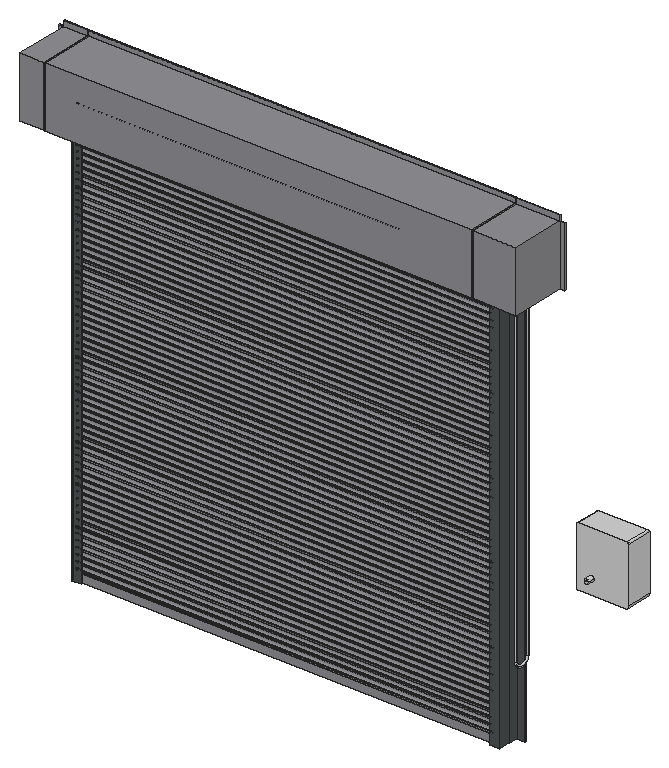
Revit family "Doors_Industrial_Overhead-Door-Corporation_RapidSlat-Rolling-Steel-Service-Doors-611_", category Specialty Equipment, host Wall, Revit 2019 (continued)
Definition of nested family "611"
  Dimensions and locks (in)
    equal spacing: Extrusion 4 sketch curve, curve 6, Extrusion 4 sketch curve
    equal spacing: Extrusion 4 sketch curve, curve 5, Extrusion 4 sketch curve
    equal spacing: curve 6, curve 7, curve 5, curve 4, curve 3, curve 2
    equal spacing: Extrusion 4 sketch curve, curve 7, Extrusion 4 sketch curve
    "Cutout Vertical Offset": curve 6 to plane 2
    aligned and locked: plane 2 to level
    aligned and locked: plane 1 "Center (Front/Back)" to plane 7
    aligned and locked: plane 5 to Extrusion 1
    aligned and locked: plane 4 to Extrusion 1
    aligned and locked: plane 5 to Extrusion 2
    aligned and locked: plane 4 to Extrusion 2
    aligned and locked: plane 5 to Extrusion 3
    aligned and locked: plane 4 to Extrusion 3
    aligned and locked: plane 9 to nested 1
    aligned and locked: plane 3 "Center (Left/Right)" to nested 1
    aligned and locked: Extrusion 4 sketch curve to Extrusion 4 sketch curve  (x4)
    aligned and locked: plane 10 to Extrusion 4
    aligned and locked: plane 11 to Extrusion 4
    aligned and locked: plane 3 "Center (Left/Right)" to nested 2
    aligned and locked: plane 3 "Center (Left/Right)" to nested 3
    aligned and locked: plane 3 "Center (Left/Right)" to nested 4
    aligned and locked: plane 3 "Center (Left/Right)" to nested 5
    aligned and locked: plane 9 to nested 2
    aligned and locked: plane 9 to nested 3
    aligned and locked: plane 9 to nested 4
    aligned and locked: plane 9 to nested 5
  Automatic sketch dimensions
    curve 1 to Extrusion 1 sketch curve = 4.37692"  (x2)
    Extrusion 1 sketch curve to Extrusion 1 sketch curve = 0"  (x24)
    Extrusion 1 sketch curve to Extrusion 1 sketch curve = 0.34316"  (x6)
    Extrusion 1 sketch curve to Extrusion 1 sketch curve = 0.02075"  (x6)
    Extrusion 1 sketch curve to Extrusion 1 sketch curve = 0.46772"  (x6)
    Extrusion 1 sketch curve to Extrusion 1 sketch curve = 0.21601"  (x6)
    Extrusion 1 sketch curve to Extrusion 1 sketch curve = 0.25599"  (x5)
    Extrusion 1 sketch curve to Extrusion 1 sketch curve = 0.27238"
    Extrusion 1 sketch curve to Extrusion 1 sketch curve = 0.0004"
    Extrusion 1 sketch curve to Extrusion 1 sketch curve = 49/128"
    Extrusion 1 sketch curve to Extrusion 1 sketch curve = 0.04891"  (x5)
    Extrusion 1 sketch curve to Extrusion 1 sketch curve = 0.07012"
    Extrusion 1 sketch curve to curve 1 = 13.34422"
    Extrusion 1 sketch curve to Extrusion 1 sketch curve = 0.42583"  (x6)
    Extrusion 1 sketch curve to Extrusion 1 sketch curve = 0.1384"
    Extrusion 1 sketch curve to Extrusion 1 sketch curve = 0.02995"
    Extrusion 1 sketch curve to Extrusion 1 sketch curve = 0.29119"
    Extrusion 1 sketch curve to Extrusion 1 sketch curve = 0.72453"  (x6)
    Extrusion 1 sketch curve to Extrusion 1 sketch curve = 0.00067"  (x6)
    Extrusion 1 sketch curve to Extrusion 1 sketch curve = 0.27011"  (x5)
    Extrusion 1 sketch curve to Extrusion 1 sketch curve = 0.08724"  (x5)
    Extrusion 1 sketch curve to Extrusion 1 sketch curve = 0.06764"  (x5)
    Extrusion 1 sketch curve to Extrusion 1 sketch curve = 0.30465"  (x5)
    Extrusion 1 sketch curve to Extrusion 1 sketch curve = 0.80134"
    Extrusion 1 sketch curve to Extrusion 1 sketch curve = 0.005"
    Extrusion 1 sketch curve to Extrusion 1 sketch curve = 0.14177"
    Extrusion 1 sketch curve to Extrusion 1 sketch curve = 0.0347"  (x8)
    Extrusion 1 sketch curve to Extrusion 1 sketch curve = 0.02124"  (x6)
    Extrusion 1 sketch curve to Extrusion 1 sketch curve = 0.00181"
    Extrusion 1 sketch curve to Extrusion 1 sketch curve = 0.06794"  (x5)
    Extrusion 1 sketch curve to Extrusion 1 sketch curve = 0.04801"
    Extrusion 1 sketch curve to Extrusion 1 sketch curve = 0.0638"  (x2)
    curve 1 to Extrusion 2 sketch curve = 4.98186"  (x2)
    Extrusion 2 sketch curve to Extrusion 2 sketch curve = 0"  (x4)
    curve 1 to Extrusion 2 sketch curve = 0.02051"
    curve 1 to Extrusion 2 sketch curve = 2.64604"
    Extrusion 2 sketch curve to Extrusion 2 sketch curve = 0.06154"  (x4)
    curve 1 to Extrusion 2 sketch curve = 0.03317"
    Extrusion 2 sketch curve to Extrusion 2 sketch curve = 0.06197"
    curve 1 to Extrusion 2 sketch curve = 0.12438"
    Extrusion 2 sketch curve to Extrusion 2 sketch curve = 0.02153"
    Extrusion 2 sketch curve to Extrusion 2 sketch curve = 0.02196"  (x4)
    curve 1 to Extrusion 2 sketch curve = 2.74991"
    Extrusion 2 sketch curve to curve 1 = 0.39136"
    Extrusion 2 sketch curve to Extrusion 2 sketch curve = 0.0841"
    Extrusion 2 sketch curve to Extrusion 2 sketch curve = 0.02327"  (x4)
    Extrusion 2 sketch curve to Extrusion 2 sketch curve = 3/128"  (x2)
    Extrusion 2 sketch curve to Extrusion 2 sketch curve = 0.02374"  (x2)
    Extrusion 2 sketch curve to Extrusion 2 sketch curve = 0.00178"
    curve 1 to Extrusion 2 sketch curve = 0.06028"
    curve 1 to Extrusion 2 sketch curve = 2.68458"
    Extrusion 2 sketch curve to Extrusion 2 sketch curve = 0.00478"  (x2)
    Extrusion 2 sketch curve to Extrusion 2 sketch curve = 0.00479"  (x2)
    Extrusion 2 sketch curve to Extrusion 2 sketch curve = 0.01188"  (x4)
    curve 1 to Extrusion 2 sketch curve = 2.48793"
    Extrusion 2 sketch curve to Extrusion 2 sketch curve = 0.01156"
    Extrusion 2 sketch curve to Extrusion 2 sketch curve = 0.01822"
    Extrusion 2 sketch curve to curve 1 = 0.2281"
    Extrusion 2 sketch curve to Extrusion 2 sketch curve = 0.03122"
    curve 1 to Extrusion 2 sketch curve = 2.39704"
    Extrusion 2 sketch curve to Extrusion 2 sketch curve = 0.01856"  (x2)
    Extrusion 2 sketch curve to Extrusion 2 sketch curve = 0.00034"  (x6)
    Extrusion 2 sketch curve to Extrusion 2 sketch curve = 0.0185"  (x2)
    Extrusion 2 sketch curve to Extrusion 2 sketch curve = 0.18279"  (x3)
    Extrusion 2 sketch curve to Extrusion 2 sketch curve = 0.18305"  (x3)
    Extrusion 2 sketch curve to Extrusion 2 sketch curve = 0.41746"  (x2)
    Extrusion 2 sketch curve to Extrusion 2 sketch curve = 0.392"
    Extrusion 2 sketch curve to Extrusion 2 sketch curve = 0.41747"  (x2)
    curve 1 to Extrusion 2 sketch curve = 2.67875"
    Extrusion 2 sketch curve to Extrusion 2 sketch curve = 0.02395"  (x5)
    curve 1 to Extrusion 2 sketch curve = 2.62435"
    Extrusion 2 sketch curve to Extrusion 2 sketch curve = 0.03031"  (x4)
    curve 1 to Extrusion 2 sketch curve = 0.14423"
    Extrusion 2 sketch curve to Extrusion 2 sketch curve = 0.45387"
    Extrusion 2 sketch curve to Extrusion 2 sketch curve = 0.00007"  (x5)
    Extrusion 2 sketch curve to Extrusion 2 sketch curve = 0.00899"  (x5)
    Extrusion 2 sketch curve to Extrusion 2 sketch curve = 0.00552"  (x5)
    Extrusion 2 sketch curve to Extrusion 2 sketch curve = 0.04341"  (x3)
    Extrusion 2 sketch curve to Extrusion 2 sketch curve = 0.01303"  (x2)
    curve 1 to Extrusion 2 sketch curve = 2.71019"
    Extrusion 2 sketch curve to Extrusion 2 sketch curve = 5/256"  (x2)
    Extrusion 2 sketch curve to Extrusion 2 sketch curve = 0.02448"  (x3)
    Extrusion 2 sketch curve to Extrusion 2 sketch curve = 0.06"  (x5)
    Extrusion 2 sketch curve to Extrusion 2 sketch curve = 0.01261"  (x2)
    Extrusion 2 sketch curve to Extrusion 2 sketch curve = 2.10108"  (x4)
    Extrusion 2 sketch curve to Extrusion 2 sketch curve = 0.11957"  (x2)
    Extrusion 2 sketch curve to Extrusion 2 sketch curve = 0.09059"  (x2)
    Extrusion 2 sketch curve to Extrusion 2 sketch curve = 0.05819"  (x4)
    Extrusion 2 sketch curve to Extrusion 2 sketch curve = 1/128"  (x4)
    Extrusion 2 sketch curve to Extrusion 2 sketch curve = 0.09983"  (x2)
    Extrusion 2 sketch curve to Extrusion 2 sketch curve = 0.01046"  (x2)
    Extrusion 2 sketch curve to Extrusion 2 sketch curve = 0.00686"  (x2)
    Extrusion 2 sketch curve to Extrusion 2 sketch curve = 0.03144"  (x3)
    Extrusion 2 sketch curve to Extrusion 2 sketch curve = 0.01995"  (x3)
    Extrusion 2 sketch curve to Extrusion 2 sketch curve = 0.11917"  (x3)
    Extrusion 2 sketch curve to Extrusion 2 sketch curve = 0.09089"
    Extrusion 2 sketch curve to Extrusion 2 sketch curve = 0.09993"
    Extrusion 2 sketch curve to Extrusion 2 sketch curve = 0.01049"
    Extrusion 2 sketch curve to Extrusion 2 sketch curve = 0.00683"
    Extrusion 2 sketch curve to Extrusion 2 sketch curve = 0.07903"
    Extrusion 2 sketch curve to Extrusion 2 sketch curve = 0.01186"
    Extrusion 2 sketch curve to Extrusion 2 sketch curve = 0.05829"
    Extrusion 2 sketch curve to Extrusion 2 sketch curve = 0.05892"
    Extrusion 2 sketch curve to Extrusion 2 sketch curve = 0.00247"
    curve 1 to Extrusion 2 sketch curve = 4.8597"
    Extrusion 2 sketch curve to Extrusion 2 sketch curve = 0.0313"  (x2)
    Extrusion 2 sketch curve to Extrusion 2 sketch curve = 0.03156"
    curve 1 to Extrusion 2 sketch curve = 2.23417"
    Extrusion 2 sketch curve to Extrusion 2 sketch curve = 0.0005"
    Extrusion 3 sketch curve to Extrusion 3 sketch curve = 0"  (x17)
    curve 1 to Extrusion 3 sketch curve = 4.80317"
    curve 1 to Extrusion 3 sketch curve = 0.20569"
    Extrusion 3 sketch curve to Extrusion 3 sketch curve = 0.0028"  (x5)
    Extrusion 3 sketch curve to Extrusion 3 sketch curve = 0.12969"  (x5)
    Extrusion 3 sketch curve to Extrusion 3 sketch curve = 0.03778"  (x5)
    Extrusion 3 sketch curve to Extrusion 3 sketch curve = 0.14152"  (x5)
    curve 1 to Extrusion 3 sketch curve = 1.48558"
    Extrusion 3 sketch curve to Extrusion 3 sketch curve = 0.02395"  (x5)
    Extrusion 3 sketch curve to Extrusion 3 sketch curve = 0.00651"  (x5)
    Extrusion 3 sketch curve to Extrusion 3 sketch curve = 0.11824"  (x5)
    Extrusion 3 sketch curve to Extrusion 3 sketch curve = 0.38946"
    Extrusion 3 sketch curve to Extrusion 3 sketch curve = 0.14271"  (x3)
    curve 1 to Extrusion 3 sketch curve = 1.57349"
    Extrusion 3 sketch curve to Extrusion 3 sketch curve = 0.09917"
    Extrusion 3 sketch curve to Extrusion 3 sketch curve = 0.12104"
    Extrusion 3 sketch curve to Extrusion 3 sketch curve = 0.22143"  (x5)
    Extrusion 3 sketch curve to Extrusion 3 sketch curve = 0.385"  (x4)
    Extrusion 3 sketch curve to Extrusion 3 sketch curve = 0.86619"
    Extrusion 3 sketch curve to Extrusion 3 sketch curve = 0.06"  (x5)
    Extrusion 3 sketch curve to Extrusion 3 sketch curve = 0.22417"  (x5)
    Extrusion 3 sketch curve to Extrusion 3 sketch curve = 0.31939"  (x4)
    Extrusion 3 sketch curve to Extrusion 3 sketch curve = 0.02243"  (x5)
    Extrusion 3 sketch curve to Extrusion 3 sketch curve = 0.14822"  (x4)
    Extrusion 3 sketch curve to Extrusion 3 sketch curve = 0.00061"  (x5)
    Extrusion 3 sketch curve to Extrusion 3 sketch curve = 0.08821"  (x5)
    Extrusion 3 sketch curve to Extrusion 3 sketch curve = 0.34736"  (x4)
    Extrusion 3 sketch curve to Extrusion 3 sketch curve = 0.01604"  (x5)
    Extrusion 3 sketch curve to Extrusion 3 sketch curve = 0.64892"  (x4)
    Extrusion 3 sketch curve to Extrusion 3 sketch curve = 0.01817"  (x5)
    Extrusion 3 sketch curve to Extrusion 3 sketch curve = 0.029"  (x4)
    Extrusion 3 sketch curve to Extrusion 3 sketch curve = 0.13791"
    Extrusion 3 sketch curve to Extrusion 3 sketch curve = 0.21451"
    curve 1 to Extrusion 3 sketch curve = 0.80553"
    Extrusion 3 sketch curve to Extrusion 3 sketch curve = 0.23644"
    Extrusion 3 sketch curve to curve 1 = 0.39177"
    Extrusion 3 sketch curve to Extrusion 3 sketch curve = 0.02516"  (x2)
    Extrusion 3 sketch curve to Extrusion 3 sketch curve = 0.03547"  (x2)
    plane 1 "Center (Front/Back)" to curve 1 = 4.98186"
    plane 1 "Center (Front/Back)" to curve 7 = 2.86663"
    curve 1 to curve 2 = 2.11523"
    curve 5 to curve 7 = 0"
    curve 3 to curve 2 = 0"  (x2)
    curve 6 to curve 7 = 0"
    curve 4 to curve 3 = 0"
    curve 2 to plane 6 = 7.10337"
    curve 5 to plane 6 = 7.10337"
    curve 4 to curve 5 = 0"
    curve 6 to curve 5 = 0"
    curve 7 to curve 5 = 0"
    curve 2 to curve 1 = 2.35433"
  Nested families (in)
    nested 1: "Perforation" at (0, 0.5, 0.894), visible <- "Integrated Cutout", type "Perforation"
      with Offset 1"
    nested 2: "Perforation" at (0, 0.5, 3.15), visible <- "Integrated Cutout", type "Perforation"
      with Offset 1"
    nested 3: "Perforation" at (0, 0.5, 5.406), visible <- "Integrated Cutout", type "Perforation"
      with Offset 1"
    nested 4: "Perforation" at (0, 0.5, 7.662), visible <- "Integrated Cutout", type "Perforation"
      with Offset 1"
    nested 5: "Perforation" at (0, 0.5, 9.918), visible <- "Integrated Cutout", type "Perforation"
      with Offset 1"
  Definition of nested family "Perforation"
    Parameters (values of type "Perforation")
      Perforation = none
      Opening Width = 123 5/8"
      Offset = 2"
      Height = 1"
      Default Elevation = 48"
    Reference planes (in)
      plane 1 "Center (Front/Back)": y = 0
      plane 2: z = 0
      plane 3 "Center (Left/Right)": x = 0
      plane 4: z = 0.5
      plane 5: z = -0.5
      plane 6: y = -0.03
      plane 7: y = 0.03
      plane 8: x = -61.8125
      plane 9: x = 61.8125
      plane 10: x = -59.8125
      plane 11: x = 59.8125
    Forms (in)
      Extrusion 1, solid, material <- "Perforation"
        sketch origin (0, -0.19, 0) x (0, 1, 0) y (0, 0, 1)
          loop
            line (0.16, 0.5) -> (0.16, -0.5) -> (0.22, -0.5) -> (0.22, 0.5) -> (0.16, 0.5)
        from -59.8125 to 59.8125
    Dimensions and locks (in)
      equal spacing: plane 4, level, plane 5
      "Height": plane 4 to plane 5
      equal spacing: plane 6, plane 1 "Center (Front/Back)", plane 7
      locked: plane 6 to plane 7 at 0.06
      "Opening Width": plane 8 to plane 9
      "Offset": plane 8 to plane 10
      "Offset": plane 9 to plane 11
      equal spacing: plane 8, plane 3 "Center (Left/Right)", plane 9
      aligned and locked: plane 2 to level
      aligned and locked: plane 4 to Extrusion 1
      aligned and locked: Extrusion 1 to plane 5
      aligned and locked: plane 6 to Extrusion 1
      aligned and locked: plane 7 to Extrusion 1
      aligned and locked: Extrusion 1 to plane 10
      aligned and locked: plane 11 to Extrusion 1
    Automatic sketch dimensions
      Extrusion 1 sketch curve to level = 1/2"
      plane 1 "Center (Front/Back)" to Extrusion 1 sketch curve = 0.03"
      Extrusion 1 sketch curve to plane 1 "Center (Front/Back)" = 0.03"
      plane 4 to Extrusion 1 sketch curve = 0"
Definition of nested family "Label Annotation 1"
  Parameters (values of type "Label Annotation 1-8")
    Label = "Area is too big. Please reduce Door Size."
  Reference planes (in)
    plane 1: y = 0
    plane 2: x = 0
  Text (in)
    label "Label" at (0.00375, -0.00345, 0), shows "Label"
Definition of nested family "Warning Sign"
  Parameters (values of type "Warning Sign")
    Warning Sign [instance] = no
    Default Elevation = 48"
  Reference planes (in)
    plane 1 "Center (Front/Back)": y = 0
    plane 2: z = 0
    plane 3 "Center (Left/Right)": x = 0
    plane 4: y = 0.5
    plane 5: y = -0.5
    plane 6: y = 1
    plane 7: y = 0.25
  Lines and regions (in)
    model lines
      curve 1: line (-2.26129, 1, 45.69444) -> (-26.3817, 1, 3.91667)
      curve 2: line (-25.25106, 1, 3.26389) -> (-1.13064, 1, 45.04167)
      curve 3: arc (2.26129, 1, 45.69444) -> (0, 1, 47) -> (-2.26129, 1, 45.69444) r 2.61111
      curve 4: arc (-1.13064, 1, 45.04167) -> (0, 1, 45.69444) -> (1.13064, 1, 45.04167) r 1.30556
      curve 5: line (1.13064, 1, 45.04167) -> (25.25106, 1, 3.26389)
      curve 6: line (26.3817, 1, 3.91667) -> (2.26129, 1, 45.69444)
      curve 7: arc (25.25106, 1, 3.26389) -> (25.25106, 1, 1.95833) -> (24.12041, 1, 1.30556) r 1.30556
      curve 8: arc (24.12041, 1, 0) -> (26.3817, 1, 1.30556) -> (26.3817, 1, 3.91667) r 2.61111
      curve 9: line (24.12041, 1, 1.30556) -> (-24.12041, 1, 1.30556)
      curve 10: line (-24.12041, 1, 0) -> (24.12041, 1, 0)
      curve 11: arc (-24.12041, 1, 1.30556) -> (-25.25106, 1, 1.95833) -> (-25.25106, 1, 3.26389) r 1.30556
      curve 12: arc (-26.3817, 1, 3.91667) -> (-26.3817, 1, 1.30556) -> (-24.12041, 1, 0) r 2.61111
      curve 13: arc (-2.29479, 1, 8.63537) -> (0, 1, 6.34057) -> (2.29479, 1, 8.63537) r 2.29479
      curve 14: arc (2.29479, 1, 8.63537) -> (0, 1, 10.93016) -> (-2.29479, 1, 8.63537) r 2.29479
      curve 15: arc (-1.6331, 1, 13.97069) -> (0.03439, 1, 12.53727) -> (1.69278, 1, 13.98121) r 1.68043
      curve 16: line (-3.77413, 1, 28.37873) -> (-1.6331, 1, 13.97069)
      curve 17: line (1.69278, 1, 13.98121) -> (3.73924, 1, 28.37873)
      curve 18: arc (3.73924, 1, 28.37873) -> (-0.01745, 1, 32.13541) -> (-3.77413, 1, 28.37873) r 3.75668
      curve 19: line (-2.26129, -0.5, 45.69444) -> (-26.3817, -0.5, 3.91667)
      curve 20: line (-25.25106, -0.5, 3.26389) -> (-1.13064, -0.5, 45.04167)
      curve 21: arc (2.26129, -0.5, 45.69444) -> (0, -0.5, 47) -> (-2.26129, -0.5, 45.69444) r 2.61111
      curve 22: arc (-1.13064, -0.5, 45.04167) -> (0, -0.5, 45.69444) -> (1.13064, -0.5, 45.04167) r 1.30556
      curve 23: line (1.13064, -0.5, 45.04167) -> (25.25106, -0.5, 3.26389)
      curve 24: line (26.3817, -0.5, 3.91667) -> (2.26129, -0.5, 45.69444)
      curve 25: arc (25.25106, -0.5, 3.26389) -> (25.25106, -0.5, 1.95833) -> (24.12041, -0.5, 1.30556) r 1.30556
      curve 26: arc (24.12041, -0.5, 0) -> (26.3817, -0.5, 1.30556) -> (26.3817, -0.5, 3.91667) r 2.61111
      curve 27: line (24.12041, -0.5, 1.30556) -> (-24.12041, -0.5, 1.30556)
      curve 28: line (-24.12041, -0.5, 0) -> (24.12041, -0.5, 0)
      curve 29: arc (-24.12041, -0.5, 1.30556) -> (-25.25106, -0.5, 1.95833) -> (-25.25106, -0.5, 3.26389) r 1.30556
      curve 30: arc (-26.3817, -0.5, 3.91667) -> (-26.3817, -0.5, 1.30556) -> (-24.12041, -0.5, 0) r 2.61111
      curve 31: arc (-2.29479, -0.5, 8.63537) -> (0, -0.5, 6.34057) -> (2.29479, -0.5, 8.63537) r 2.29479
      curve 32: arc (2.29479, -0.5, 8.63537) -> (0, -0.5, 10.93016) -> (-2.29479, -0.5, 8.63537) r 2.29479
      curve 33: arc (-1.6331, -0.5, 13.97069) -> (0.03439, -0.5, 12.53727) -> (1.69278, -0.5, 13.98121) r 1.68043
      curve 34: line (-3.77413, -0.5, 28.37873) -> (-1.6331, -0.5, 13.97069)
      curve 35: line (1.69278, -0.5, 13.98121) -> (3.73924, -0.5, 28.37873)
      curve 36: arc (3.73924, -0.5, 28.37873) -> (-0.01745, -0.5, 32.13541) -> (-3.77413, -0.5, 28.37873) r 3.75668
  Dimensions and locks (in)
    locked: plane 1 "Center (Front/Back)" to plane 4 at 0.5
    equal spacing: plane 1 "Center (Front/Back)", plane 7, plane 4
    locked: plane 4 to plane 6 at 0.5
    locked: plane 5 to plane 1 "Center (Front/Back)" at 0.5
    aligned and locked: plane 2 to level
  Automatic sketch dimensions
    curve 21 to curve 22 = 0"  (x2)
    curve 25 to curve 26 = 0"  (x2)
    curve 29 to curve 30 = 0"  (x2)
    curve 31 to curve 32 = 0"  (x2)
    curve 21 to plane 3 "Center (Left/Right)" = 0"
    curve 31 to plane 3 "Center (Left/Right)" = 0"
    curve 30 to level = 0"
    level to curve 27 = 1.30556"
    curve 26 to curve 27 = 1.30556"
    curve 29 to curve 27 = 1.30556"
    curve 23 to curve 25 = 0.65278"
    curve 20 to curve 29 = 0.65278"
    curve 24 to curve 23 = 0.65278"
    curve 19 to curve 20 = 0.65278"
    level to curve 32 = 8.63537"
    curve 34 to plane 3 "Center (Left/Right)" = 1.6331"
    curve 34 to curve 31 = 5.33532"
    plane 3 "Center (Left/Right)" to curve 35 = 1.69278"
    curve 35 to curve 34 = 0.01052"
    plane 3 "Center (Left/Right)" to curve 33 = 0.02908"
    curve 36 to plane 3 "Center (Left/Right)" = 0.01745"
    curve 36 to curve 33 = 14.16104"
    curve 22 to curve 36 = 16.01016"
    plane 3 "Center (Left/Right)" to curve 23 = 1.13064"
    curve 23 to curve 21 = 0.65278"
    curve 20 to plane 3 "Center (Left/Right)" = 1.13064"
    plane 3 "Center (Left/Right)" to curve 24 = 2.26129"
    curve 24 to curve 22 = 0.65278"
    curve 19 to plane 3 "Center (Left/Right)" = 2.26129"
    curve 34 to curve 36 = 3.75668"
    curve 30 to plane 3 "Center (Left/Right)" = 24.12041"
    plane 3 "Center (Left/Right)" to curve 25 = 24.12041"
    curve 31 to curve 31 = 2.29479"
    curve 3 to curve 4 = 0"  (x2)
    curve 7 to curve 8 = 0"  (x2)
    curve 11 to curve 12 = 0"  (x2)
    curve 13 to curve 14 = 0"  (x2)
    curve 3 to plane 3 "Center (Left/Right)" = 0"
    curve 13 to plane 3 "Center (Left/Right)" = 0"
    curve 12 to level = 0"
    level to curve 9 = 1.30556"
    curve 8 to curve 9 = 1.30556"
    curve 11 to curve 9 = 1.30556"
    curve 5 to curve 7 = 0.65278"
    curve 2 to curve 11 = 0.65278"
    curve 6 to curve 5 = 0.65278"
    curve 1 to curve 2 = 0.65278"
    level to curve 14 = 8.63537"
    curve 16 to plane 3 "Center (Left/Right)" = 1.6331"
    curve 16 to curve 13 = 5.33532"
    plane 3 "Center (Left/Right)" to curve 17 = 1.69278"
    curve 17 to curve 16 = 0.01052"
    plane 3 "Center (Left/Right)" to curve 15 = 0.02908"
    curve 18 to plane 3 "Center (Left/Right)" = 0.01745"
    curve 18 to curve 15 = 14.16104"
    curve 4 to curve 18 = 16.01016"
    plane 3 "Center (Left/Right)" to curve 5 = 1.13064"
    curve 5 to curve 3 = 0.65278"
    curve 2 to plane 3 "Center (Left/Right)" = 1.13064"
    plane 3 "Center (Left/Right)" to curve 6 = 2.26129"
    curve 6 to curve 4 = 0.65278"
    curve 1 to plane 3 "Center (Left/Right)" = 2.26129"
    curve 16 to curve 18 = 3.75668"
    curve 12 to plane 3 "Center (Left/Right)" = 24.12041"
    plane 3 "Center (Left/Right)" to curve 7 = 24.12041"
    curve 13 to curve 13 = 2.29479"
Types (6): name | Voltage | Number of Poles | Apparent Load Phase 3 | Apparent Load Phase 2 | Apparent Load Phase 1
  208 volts, one phase, 60 Hz (208-240V range) | 208 V | 1 | 0 VA | 0 VA | 4160 VA
  220 volts, one phase, 60 Hz (220-240V range) | 220 V | 1 | 0 VA | 0 VA | 4400 VA
  208 volts, three phase, 60 Hz (208-240V range) | 208 V | 3 | 2401.78 VA | 2401.78 VA | 2401.78 VA
  230 volts, three phase, 60 Hz (220-240V range) | 230 V | 3 | 2655.81 VA | 2655.81 VA | 2655.81 VA
  460 volts, three phase, 60 Hz (440-480 V range) | 460 V | 3 | 5311.62 VA | 5311.62 VA | 5311.62 VA
  575 volts, three phase, 60 Hz | 575 V | 3 | 6639.53 VA | 6639.53 VA | 6639.53 VA
